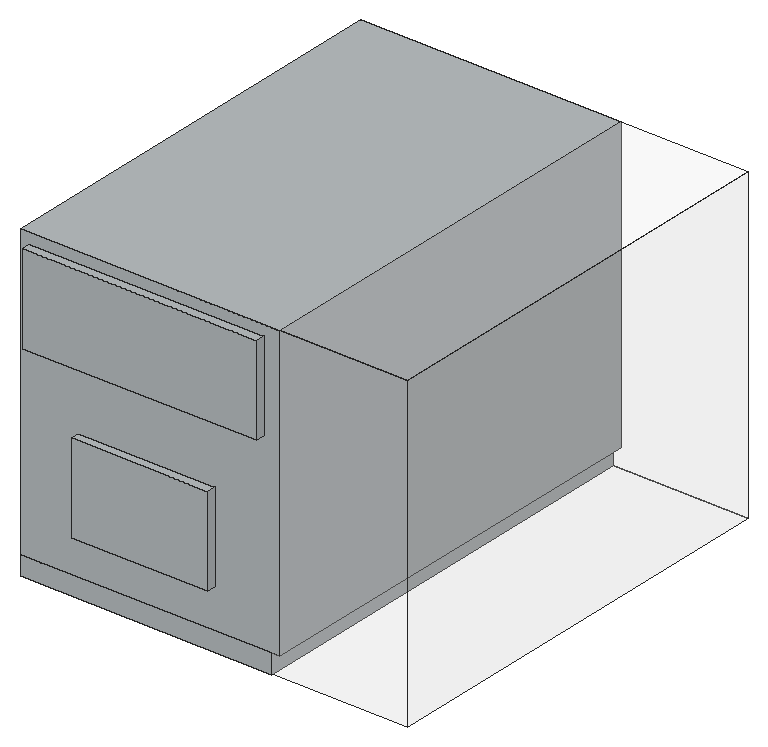
Revit family "lp-250x4-60_60Hz", category 機械設備, Revit 2019
Family settings
  丸型コネクタ寸法 = 直径を使用
  パーツ タイプ = 標準
  OmniClass 番号 = 23.75.10.34.21
  OmniClass タイトル = Heat Exchangers for Ventilation Air
  作業面ベース = いいえ
  常に垂直 = はい
  ロード時にボイドで切り取り = いいえ
  共有 = いいえ
  部屋計算ポイント = はい
Parameters (values of type "LP-250X4-60")
  騒音レベル(dB(A)) = 52.5
  風量 = 2500.0 m³/h
  面風速 = 2.58 m/s
  電源種別 [instance] = ""
  電圧 = 200 V
  電動機出力 = 1.5 W
  集中コントローラ = ""
  運転質量 = 0.00 kg
  連動 [instance] = ""
  質量 = if(製品質量 > 運転質量, 製品質量, 運転質量) * 1.2  # 540.00 kg
  負荷分類 = 3_ファン類
  説明 = "設備用ロスナイ ビル用ロスナイパック形"
  設計風量 = 0.0 m³/h
  設置方法 = "床置形"
  記号 [instance] = ""
  製造元 = "三菱電機株式会社"
  製品質量 = 450.00 kg
  製品出荷対象 = "国内"
  製品リリース年月 = "2018/7/25"
  製品グループ = ""
  系統 [instance] = ""
  符号 = "HEU"
  積算_科目 = "1 空気調和設備"
  積算_拾い区分 [instance] = ""
  相 = 3
  盤記号 [instance] = ""
  発停方法 [instance] = ""
  特殊仕様 [instance] = ""
  火災停止 [instance] = ""
  温度交換効率 = 77.00%
  消費電力 = 2500 W
  法定耐用年数 = "15"
  機外静圧_排気 = 393.0 Pa
  機外静圧 = 393.0 Pa
  極数 = 3
  材質 [instance] = ""
  本体固定用穴ピッチ2 = 565 mm
  本体固定用穴ピッチ1 = 1930 mm
  本体固定用穴_径 = 20 mm
  本体マテリアル = 溶融亜鉛めっき鋼板
  操作・制御方式 = ""
  操作・制御スイッチ = ""
  排気量 = 0.0 m³/h
  形式 = "床置形"
  幹線記号 [instance] = ""
  対象室 [instance] = ""
  実風量 = 0.0 m³/h
  始動方式 [instance] = "直入"
  外気量 = 0.0 m³/h
  呼称 = "全熱交換ユニット"
  周波数 = 60 Hz
  参照している仕様書等のバージョン = "公共建築工事標準仕様書（機械設備工事編）平成31年度版"
  初期抵抗 = 0.0 Pa
  分類コード = "50052504100050"
  分類グループ = ""
  価格 = 5874000
  企業コード = "108420"
  付属品_フィルター_還気 = ""
  付属品_フィルター = ""
  付属品 [instance] = ""
  仕様書バージョン = "Version1.0"
  モデル = "LP-250X4-60"
  メンテナンススペース = yes
  コメント [instance] = ""
  Keynote = ""
  エンタルピ交換効率_暖房 = 66.00%
  エンタルピ交換効率_冷房 = 60.00%
  Assembly Code = ""
  Width = 1218 mm
  W1 = 1180 mm
  Version = ""
  Uniclass2015Version = "Systems v1.9"
  Uniclass2015Title = "Thermal wheels"
  Uniclass2015Code = "Pr_60_60_36_88"
  URL = "https://www.mitsubishielectric.co.jp/ldg/wink/ssl/displayProduct.do?pid=294063"
  SpecificationReference = ""
  SpecificationDescription = ""
  SAサイズ_W = 640 mm
  SAサイズ_D = 420 mm
  Revision = ""
  RAダクト接続_通常 = yes
  RAダクト接続_変更1 = not(RAダクト接続_通常)  # no
  RAサイズ_W = 1100 mm
  RAサイズ_D = 420 mm
  ProductInformation = ""
  OmniClassCode = "23-27 23 19 11"
  OAダクト接続_通常 = yes
  OAダクト接続_変更1 = not(OAダクト接続_通常)  # no
  OAサイズ_W = 1100 mm
  OAサイズ_D = 420 mm
  MIN風量 = 0.0 m³/h
  MIN静圧 = 0.0 Pa
  MID風量 = 0.0 m³/h
  MID静圧 = 0.0 Pa
  MAX風量 = 2500.0 m³/h
  MAX静圧 = 393.0 Pa
  IfcTypeProduct = ""
  IfcProduct = ""
  IfcExportType = "ROTARYWHEEL"
  IfcExportAs = "IfcAirToAirHeatRecoveryType"
  Height = 1370 mm
  H1 = 90 mm
  EAサイズ_W = 640 mm
  EAサイズ_D = 420 mm
  Duct_SA_W = 273 mm
  Duct_SA_H = 274 mm
  Duct_RA_W = 43 mm
  Duct_RA_H = 296 mm
  Duct_RA_D = 49 mm
  Duct_OA_W = 43 mm
  Duct_OA_H = 296 mm
  Duct_OA_D = 49 mm
  Duct_Height = 41 mm
  Duct_EA_W = 273 mm
  Duct_EA_H = 274 mm
  Depth = 2000 mm
  D1 = 2000 mm
  Clearance Top = 0 mm
  Clearance Right = 600 mm
  Clearance Left = 0 mm
  Clearance Front = 0 mm
  Clearance Bottom = 0 mm
  Clearance Back = 0 mm
  Author = "三菱電機株式会社"
Reference planes
  plane 1 "中心(正面/背面)": y = 0
  plane 2: z = 0
  plane 3 "中心(左/右)": x = 0
  plane 4: x = 590
  plane 5: x = 628
  plane 6: y = 1000
  plane 7: y = 1000
  plane 8: y = -1000
  plane 9: y = -1000
  plane 10: x = -590
  plane 11: x = -590
  plane 12: y = 741
  plane 13: y = -741
  plane 14: y = -531
  plane 15: y = -951
  plane 16: y = 951
  plane 17: y = 531
  plane 18: x = -547
  plane 19: x = 553
  plane 20: z = 90
  plane 21: z = 1460
  plane 22: z = 1501
  plane 23: y = 565
  plane 24: y = -565
  plane 25: x = -965
  plane 26: x = 965
  plane 27: x = 1228
  plane 28: x = -590
  plane 29: y = 1000
  plane 30: y = -1000
  plane 31: z = 1460
  plane 32: z = 0
  plane 33: x = -317
  plane 34: x = 323
  plane 35: z = 274
  plane 36: z = 694
  plane 37: z = 990
  plane 38: z = 1410
  plane 39: x = -547
  plane 40: x = 553
  plane 41: y = -1041
  plane 42: y = 1041
  plane 43: x = -317
  plane 44: x = 323
  plane 45: z = 274
  plane 46: z = 694
  plane 47: z = 990
  plane 48: z = 1410
Forms (mm)
  Extrusion 1, solid, material "溶融亜鉛めっき鋼板" <- "本体マテリアル", detail levels fine
    sketch origin (0, 0, 0) x (1, 0, 0) y (0, 1, 0)
      loop
        line (-590, 1000) -> (-590, -1000) -> (628, -1000) -> (628, 1000) -> (-590, 1000)
    from 90 to 1460
  Extrusion 2, solid, material "溶融亜鉛めっき鋼板" <- "本体マテリアル", detail levels fine
    sketch origin (0, 0, 0) x (1, 0, 0) y (0, 1, 0)
      loop
        line (-590, 1000) -> (-590, -1000) -> (590, -1000) -> (590, 1000) -> (-590, 1000)
    from 0 to 90
  Extrusion 3, solid, material "溶融亜鉛めっき鋼板" <- "本体マテリアル", visible <- "RAダクト接続_変更1", detail levels fine
    sketch origin (0, 0, 0) x (1, 0, 0) y (0, 1, 0)
      loop
        line (-547, -951) -> (553, -951) -> (553, -531) -> (-547, -531) -> (-547, -951)
    from 1460 to 1501
  Extrusion 4, solid, material "溶融亜鉛めっき鋼板" <- "本体マテリアル", visible <- "OAダクト接続_変更1", detail levels fine
    sketch origin (0, 0, 0) x (1, 0, 0) y (0, 1, 0)
      loop
        line (-547, 951) -> (-547, 531) -> (553, 531) -> (553, 951) -> (-547, 951)
    from 1460 to 1501
  Extrusion 5, solid, material "溶融亜鉛めっき鋼板" <- "本体マテリアル", detail levels fine
    sketch origin (0, 0, 0) x (1, 0, 0) y (0, 0, 1)
      loop
        line (-317, 274) -> (323, 274) -> (323, 694) -> (-317, 694) -> (-317, 274)
    from 1000 to 1041
  Extrusion 6, solid, material "溶融亜鉛めっき鋼板" <- "本体マテリアル", detail levels fine
    sketch origin (0, 0, 0) x (1, 0, 0) y (0, 0, 1)
      loop
        line (323, 694) -> (-317, 694) -> (-317, 274) -> (323, 274) -> (323, 694)
    from -1041 to -1000
  Extrusion 7, solid, material "溶融亜鉛めっき鋼板" <- "本体マテリアル", visible <- "OAダクト接続_通常", detail levels fine
    sketch origin (0, -420, 0) x (1, 0, 0) y (0, 0, 1)
      loop
        line (-547, 990) -> (553, 990) -> (553, 1410) -> (-547, 1410) -> (-547, 990)
    from -1461 to -1420
  Extrusion 8, solid, material "溶融亜鉛めっき鋼板" <- "本体マテリアル", visible <- "RAダクト接続_通常", detail levels fine
    sketch origin (0, 240, 0) x (1, 0, 0) y (0, 0, 1)
      loop
        line (-547, 1410) -> (-547, 990) -> (553, 990) -> (553, 1410) -> (-547, 1410)
    from 1240 to 1281
Lines and regions (mm)
  Masking region 1, detail levels coarse+medium
    outline origin (1331.5, 88, 0) x (1, 0, 0) y (0, 1, 0)
      loop
        line (-1921.5, 912) -> (-1921.5, -1088) -> (-741.5, -1088) -> (-741.5, 912) -> (-1921.5, 912)
  symbolic lines, detail levels coarse+medium
    curve 1: line (0, 1000, 0) -> (-590, 0, 0)
    curve 2: line (-590, 0, 0) -> (0, -1000, 0)
    curve 3: line (0, -1000, 0) -> (590, 0, 0)
    curve 4: line (0, 1000, 0) -> (590, 0, 0)
Dimensions and locks
  equal spacing: plane 10, plane 3 "中心(左/右)", plane 4
  "W1": plane 10 to plane 4
  "Width": plane 11 to plane 5
  equal spacing: plane 7, plane 1 "中心(正面/背面)", plane 9
  "D1": plane 7 to plane 9
  equal spacing: plane 6, plane 1 "中心(正面/背面)", plane 8
  "Depth": plane 6 to plane 8
  equal spacing: plane 15, plane 13, plane 14
  "RAサイズ_D": plane 15 to plane 14
  equal spacing: plane 17, plane 12, plane 16
  "OAサイズ_D": plane 17 to plane 16
  "RAサイズ_W": plane 18 to plane 19
  locked: plane 11 to plane 10 at 0
  "H1": plane 20 to level
  "Height": plane 21 to plane 20
  "Duct_Height": plane 22 to plane 21
  "本体固定用穴ピッチ2": plane 1 "中心(正面/背面)" to plane 23
  "本体固定用穴ピッチ2": plane 24 to plane 1 "中心(正面/背面)"
  equal spacing: plane 25, plane 3 "中心(左/右)", plane 26
  "本体固定用穴ピッチ1": plane 25 to plane 26
  "Clearance Right": plane 5 to plane 27
  "Clearance Left": plane 28 to plane 11
  "Clearance Back": plane 29 to plane 6
  "Clearance Front": plane 8 to plane 30
  "Clearance Top": plane 31 to plane 21
  "Clearance Bottom": level to plane 32
  "Duct_RA_D": plane 8 to plane 15
  "Duct_OA_D": plane 6 to plane 16
  "Duct_SA_H": plane 35 to level
  "SAサイズ_D": plane 36 to plane 35
  "Duct_RA_H": plane 37 to plane 36
  "RAサイズ_D": plane 38 to plane 37
  "OAサイズ_W": plane 39 to plane 40
  "Duct_OA_W": plane 11 to plane 39
  "Duct_RA_W": plane 11 to plane 18
  "Duct_Height": plane 8 to plane 41
  "SAサイズ_W": plane 34 to plane 33
  "Duct_Height": plane 42 to plane 6
  "Duct_SA_W": plane 33 to plane 11
  "EAサイズ_D": plane 46 to plane 45
  "Duct_EA_H": plane 45 to level
  "Duct_EA_W": plane 43 to plane 11
  "EAサイズ_W": plane 44 to plane 43
  "OAサイズ_D": plane 48 to plane 47
  "Duct_OA_H": plane 47 to plane 46
  aligned and locked: level to plane 2
  aligned and locked: Extrusion 1 sketch curve to plane 6
  aligned and locked: plane 10 to Extrusion 1 sketch curve
  aligned and locked: Extrusion 1 sketch curve to plane 8
  aligned and locked: Extrusion 2 sketch curve to plane 7
  aligned and locked: plane 11 to Extrusion 2 sketch curve
  aligned and locked: Extrusion 2 sketch curve to plane 9
  aligned and locked: plane 15 to Extrusion 3 sketch curve
  aligned and locked: Extrusion 3 sketch curve to plane 18
  aligned and locked: plane 14 to Extrusion 3 sketch curve
  aligned and locked: Extrusion 3 sketch curve to plane 19
  aligned and locked: plane 9 to Masking region 1
  aligned and locked: Masking region 1 to plane 11
  aligned and locked: plane 7 to Masking region 1
  aligned and locked: Masking region 1 to curve 1
  aligned and locked: Masking region 1 to curve 2
  aligned and locked: plane 20 to Extrusion 2
  aligned and locked: plane 21 to Extrusion 1
  aligned and locked: Extrusion 1 to plane 20
  aligned and locked: plane 22 to Extrusion 3
  aligned and locked: Extrusion 3 to plane 21
  aligned and locked: plane 27 to nested 1
  aligned and locked: nested 1 to plane 30
  aligned and locked: nested 1 to plane 29
  aligned and locked: nested 1 to plane 31
  aligned and locked: nested 1 to plane 32
  aligned and locked: plane 9 to curve 2
  aligned and locked: plane 3 "中心(左/右)" to curve 3
  aligned and locked: plane 4 to curve 3
  aligned and locked: plane 3 "中心(左/右)" to curve 4
  aligned and locked: plane 1 "中心(正面/背面)" to curve 4
  aligned and locked: nested 2 to plane 24
  aligned and locked: plane 25 to nested 2
  aligned and locked: nested 2 to plane 26
  aligned and locked: plane 25 to nested 3
  aligned and locked: nested 3 to plane 26
  aligned and locked: plane 1 "中心(正面/背面)" to nested 3
  aligned and locked: plane 25 to nested 4
  aligned and locked: nested 4 to plane 26
  aligned and locked: nested 4 to plane 23
  aligned and locked: nested 1 to plane 28
  aligned and locked: Masking region 1 to plane 4
  aligned and locked: plane 4 to Extrusion 2 sketch curve
  aligned and locked: plane 5 to Extrusion 1 sketch curve
  aligned and locked: Extrusion 4 sketch curve to plane 16
  aligned and locked: plane 18 to Extrusion 4 sketch curve
  aligned and locked: Extrusion 4 sketch curve to plane 17
  aligned and locked: plane 22 to Extrusion 4
  aligned and locked: Extrusion 4 to plane 21
  aligned and locked: Extrusion 5 sketch curve to plane 35
  aligned and locked: Extrusion 5 sketch curve to plane 33
  aligned and locked: plane 36 to Extrusion 5 sketch curve
  aligned and locked: Extrusion 5 sketch curve to plane 34
  aligned and locked: Extrusion 5 to plane 41
  aligned and locked: Extrusion 5 to plane 8
  aligned and locked: Extrusion 6 to plane 42
  aligned and locked: Extrusion 6 to plane 6
  aligned and locked: Extrusion 7 to plane 42
  aligned and locked: Extrusion 7 to plane 6
  aligned and locked: Extrusion 8 sketch curve to plane 38
  aligned and locked: plane 18 to Extrusion 8 sketch curve
  aligned and locked: Extrusion 8 sketch curve to plane 37
  aligned and locked: plane 19 to Extrusion 8 sketch curve
  aligned and locked: Extrusion 8 to plane 41
  aligned and locked: Extrusion 8 to plane 8
  aligned and locked: plane 46 to Extrusion 6 sketch curve
  aligned and locked: plane 44 to Extrusion 6 sketch curve
  aligned and locked: Extrusion 6 sketch curve to plane 45
  aligned and locked: Extrusion 6 sketch curve to plane 43
  aligned and locked: Extrusion 7 sketch curve to plane 47
  aligned and locked: Extrusion 7 sketch curve to plane 18
  aligned and locked: Extrusion 7 sketch curve to plane 48
  aligned and locked: plane 40 to Extrusion 4 sketch curve
  aligned and locked: Extrusion 7 sketch curve to plane 40
Automatic sketch dimensions
  plane 1 "中心(正面/背面)" to curve 1 = 0 mm
  curve 1 to plane 10 = 0 mm
  curve 4 to plane 7 = 0 mm
  plane 9 to Masking region 1 sketch curve = 0 mm
  Masking region 1 sketch curve to plane 10 = 0 mm
  Masking region 1 sketch curve to plane 4 = 0 mm
  Masking region 1 sketch curve to plane 7 = 0 mm
Nested families
  nested 1: "メンテナンススペース" at (319, 0, 730), visible <- "メンテナンススペース", type "メンテナンススペース"
    with Width 1818 mm, Height 1460 mm, Depth 2000 mm
  nested 2: "固定点" at (-965, -565, 0), type "固定点"
    with W 1930 mm, D 1000 mm
  nested 3: "固定点" at (-965, 0, 0), type "固定点"
    with W 1930 mm, D 1000 mm
  nested 4: "固定点" at (-965, 565, 0), type "固定点"
    with W 1930 mm, D 1000 mm
Connectors
  electrical at (628, 0, 775), driven by "極数", driven by "負荷分類", driven by "電圧", driven by "消費電力"
    settings: on Extrusion 1, index 5, voltage 200 V, apparent load 2500 VA, apparent load phase1 0 VA, apparent load phase2 0 VA, apparent load phase3 0 VA, power factor 1, load classification "3_ファン類", number of poles 3, system type 30, power factor state 1, is connector primary yes, connector utility no, sub classification motor no, connector description ""
  hvac at (3, -1041, 484), driven by "SAサイズ_D", driven by "SAサイズ_W", driven by "機外静圧", driven by "風量"
    settings: on Extrusion 5, index 6, duct flow 2500.0 m³/h, flow factor 0, pres drop 393.0 Pa, loss coef 0, conn angle 0.00°, conn width 640 mm, conn height 420 mm, conn diameter 609.6 mm, duct sys type 1, conn prof type 1, flow config 0, flow direction 2, loss method 4, conn ref index -1, conn util no, is conn primary yes, conn desc ""
  hvac at (3, -1041, 1200), driven by "RAサイズ_D", driven by "RAサイズ_W", driven by "機外静圧", driven by "風量"
    settings: on Extrusion 8, index 8, duct flow 2500.0 m³/h, flow factor 0, pres drop 393.0 Pa, loss coef 0, conn angle 0.00°, conn width 1100 mm, conn height 420 mm, conn diameter 609.6 mm, duct sys type 2, conn prof type 1, flow config 0, flow direction 1, loss method 4, conn ref index -1, conn util no, is conn primary no, conn desc ""
  hvac at (3, -741, 1501), driven by "RAサイズ_D", driven by "RAサイズ_W"
    settings: on Extrusion 3, index 9, duct flow 0.0 m³/h, flow factor 0, pres drop 0.0 Pa, loss coef 0, conn angle 0.00°, conn width 1100 mm, conn height 420 mm, conn diameter 609.6 mm, duct sys type 2, conn prof type 1, flow config 0, flow direction 1, loss method 4, conn ref index -1, conn util no, is conn primary no, conn desc ""
  hvac at (3, 741, 1501), driven by "OAサイズ_D", driven by "OAサイズ_W", driven by "機外静圧", driven by "風量"
    settings: on Extrusion 4, index 10, duct flow 2500.0 m³/h, flow factor 0, pres drop 393.0 Pa, loss coef 0, conn angle 0.00°, conn width 1100 mm, conn height 420 mm, conn diameter 609.6 mm, duct sys type 4, conn prof type 1, flow config 0, flow direction 1, loss method 4, conn ref index -1, conn util no, is conn primary no, conn desc ""
  hvac at (3, 1041, 1200), driven by "OAサイズ_D", driven by "OAサイズ_W", driven by "機外静圧", driven by "風量"
    settings: on Extrusion 7, index 11, duct flow 2500.0 m³/h, flow factor 0, pres drop 393.0 Pa, loss coef 0, conn angle 0.00°, conn width 1100 mm, conn height 420 mm, conn diameter 609.6 mm, duct sys type 4, conn prof type 1, flow config 0, flow direction 1, loss method 4, conn ref index -1, conn util no, is conn primary no, conn desc ""
  hvac at (3, 1041, 484), driven by "EAサイズ_D", driven by "EAサイズ_W", driven by "機外静圧_排気", driven by "排気量"
    settings: on Extrusion 6, index 12, duct flow 0.0 m³/h, flow factor 0, pres drop 393.0 Pa, loss coef 0, conn angle 0.00°, conn width 640 mm, conn height 420 mm, conn diameter 609.6 mm, duct sys type 3, conn prof type 1, flow config 0, flow direction 2, loss method 4, conn ref index -1, conn util no, is conn primary no, conn desc ""
Definition of nested family "メンテナンススペース"
  Parameters (values of type "メンテナンススペース")
    Width [instance] = 500 mm
    Height [instance] = 500 mm
    Depth [instance] = 500 mm
  Reference planes
    plane 1 "中心(正面/背面)": y = 0
    plane 2: z = 0
    plane 3 "中心(左/右)": x = 0
    plane 4: y = -250
    plane 5: x = 250
    plane 6: y = 250
    plane 7: x = -250
    plane 8: z = 250
    plane 9: z = -250
  Forms (mm)
    Extrusion 1, solid
      sketch origin (-638.939, 0, 72.39) x (1, 0, 0) y (0, 1, 0)
        loop
          line (388.939, 250) -> (388.939, -250) -> (888.939, -250) -> (888.939, 250) -> (388.939, 250)
      from -322.39 to 177.61
  Lines and regions (mm)
    symbolic lines
      curve 1: line (-250, 0, 250) -> (250, 0, 250)
      curve 2: line (-250, 0, -250) -> (-250, 0, 250)
      curve 3: line (250, 0, -250) -> (-250, 0, -250)
      curve 4: line (250, 0, 250) -> (250, 0, -250)
      curve 5: line (0, -250, 250) -> (0, 250, 250)
      curve 6: line (0, -250, -250) -> (0, -250, 250)
      curve 7: line (0, 250, -250) -> (0, -250, -250)
      curve 8: line (0, 250, 250) -> (0, 250, -250)
      curve 9: line (-250, 250, 0) -> (250, 250, 0)
      curve 10: line (-250, -250, 0) -> (-250, 250, 0)
      curve 11: line (250, -250, 0) -> (-250, -250, 0)
      curve 12: line (250, 250, 0) -> (250, -250, 0)
  Dimensions and locks
    equal spacing: plane 7, plane 3 "中心(左/右)", plane 5
    equal spacing: plane 4, plane 1 "中心(正面/背面)", plane 6
    "Depth": plane 4 to plane 6
    "Width": plane 7 to plane 5
    equal spacing: plane 8, plane 2, plane 9
    "Height": plane 8 to plane 9
    aligned and locked: plane 9 to curve 3
    aligned and locked: plane 7 to curve 2
    aligned and locked: curve 4 to plane 5
    aligned and locked: plane 5 to Extrusion 1
    aligned and locked: Extrusion 1 to plane 7
    aligned and locked: Extrusion 1 to plane 9
    aligned and locked: plane 8 to Extrusion 1
    aligned and locked: plane 9 to curve 7
  Automatic sketch dimensions
    plane 4 to Extrusion 1 sketch curve = 0 mm
    Extrusion 1 sketch curve to plane 7 = 0 mm
    Extrusion 1 sketch curve to plane 5 = 0 mm
    plane 6 to Extrusion 1 sketch curve = 0 mm
    curve 2 to plane 8 = 0 mm
    plane 4 to curve 11 = 0 mm
    curve 11 to plane 7 = 0 mm
    curve 11 to plane 5 = 0 mm
    plane 6 to curve 10 = 0 mm
    curve 7 to plane 4 = 0 mm
    curve 7 to plane 6 = 0 mm
    curve 6 to plane 8 = 0 mm
Definition of nested family "固定点"
  Parameters (values of type "固定点")
    中心円 = 20 mm
    W [instance] = 1000 mm
    D [instance] = 1000 mm
  Reference planes
    plane 1 "中心(正面/背面)": y = 0
    plane 2: z = 0
    plane 3 "中心(左/右)": x = 0
    plane 4: x = 1000
  Lines and regions (mm)
    symbolic lines, detail levels fine
      curve 1: circle (0, 0, 0) r 10 normal (0, 0, 1)
      curve 2: circle (1000, 0, 0) r 10 normal (0, 0, 1)
      curve 3: line (-200, 0, 0) -> (1200, 0, 0)
      curve 4: line (0, 200, 0) -> (0, -200, 0)
      curve 5: line (1000, 200, 0) -> (1000, -200, 0)
  Dimensions and locks
    "W": plane 3 "中心(左/右)" to plane 4
    "中心円": diameter of curve 1
    "中心円": diameter of curve 2
    aligned and locked: level to plane 2
    aligned and locked: plane 3 "中心(左/右)" to curve 1
    aligned and locked: plane 1 "中心(正面/背面)" to curve 1
    aligned and locked: plane 1 "中心(正面/背面)" to curve 2
    aligned and locked: plane 4 to curve 2
    aligned and locked: plane 1 "中心(正面/背面)" to curve 3
    aligned and locked: curve 4 to plane 3 "中心(左/右)"
    aligned and locked: curve 5 to plane 4
  Automatic sketch dimensions
    curve 3 to plane 3 "中心(左/右)" = 200 mm
    curve 2 to curve 3 = 200 mm
    plane 1 "中心(正面/背面)" to curve 4 = 200 mm
    plane 1 "中心(正面/背面)" to curve 5 = 200 mm
    curve 5 to plane 1 "中心(正面/背面)" = 200 mm
    curve 4 to plane 1 "中心(正面/背面)" = 200 mm
